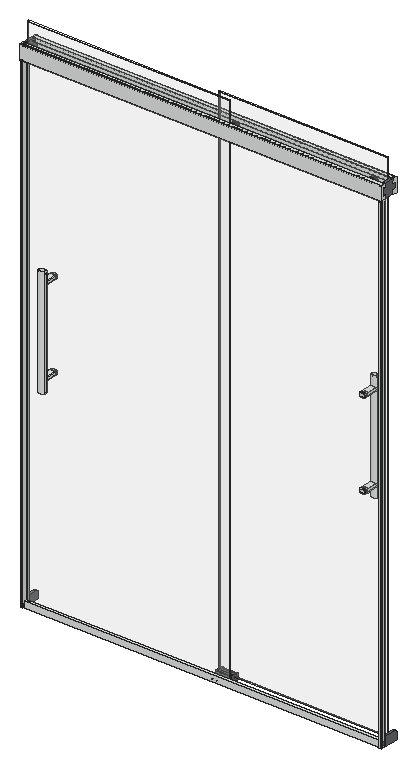
Revit family "Shower-Shower_Door-KOHLER-Prim-K-706533.rfa_", category Specialty Equipment, host Face, Revit 2021 (continued)
Definition of nested family "K-706533"
  Lines and regions (in)
    Masking region 2
      outline origin (0, 0, 0) x (0, 1, 0) y (0, 0, 1)
        loop
          line (0.1628319, 33.0906849) -> (0.2817243, 33.0906849) -> (0.2817243, 45.3906849) -> (0.1628319, 45.3906849)
          arc (0.1628319, 45.3906849) -> (0.1349931, 45.4022162) -> (0.1234619, 45.430055) r 0.0393701
          line (0.1234619, 45.430055) -> (0.1234619, 46.0513149)
          arc (0.1234619, 46.0513149) -> (0.1349931, 46.0791537) -> (0.1628319, 46.0906849) r 0.0393701
          line (0.1628319, 46.0906849) -> (0.2817243, 46.0906849) -> (0.2817243, 74.1161157)
        loop
          line (-0.5942243, 74.1161157) -> (-0.7284264, 74.1161157)
          arc (-0.7284264, 74.1161157) -> (-0.7562652, 74.1276469) -> (-0.7677964, 74.1554858) r 0.0393701
          line (-0.7677964, 74.1554858) -> (-0.7677964, 74.6629996) -> (-0.8382408, 74.6629996) -> (-0.8382408, 74.5151577)
          arc (-0.8382408, 74.5151577) -> (-0.9702115, 74.4844317) -> (-1.1021801, 74.515167) r 0.2987306
          line (-1.1021801, 74.515167) -> (-1.1021801, 74.6609785) -> (-1.2329388, 74.6609785)
          arc (-1.2329388, 74.6609785) -> (-1.2258347, 74.6438276) -> (-1.2086838, 74.6367235) r 0.024255
          line (-1.2086838, 74.6367235) -> (-1.1355002, 74.6367235)
          arc (-1.1355002, 74.6367235) -> (-1.118633, 74.6297369) -> (-1.1116464, 74.6128697) r 0.0238538
          line (-1.1116464, 74.6128697) -> (-1.1116464, 74.529684)
          arc (-1.1116464, 74.529684) -> (-1.1051851, 74.5080902) -> (-1.0879249, 74.4935945) r 0.0393137
          arc (-1.0879249, 74.4935945) -> (-0.9694601, 74.4690975) -> (-0.8509951, 74.4935935) r 0.2986962
          arc (-0.8509951, 74.4935935) -> (-0.8337179, 74.5081034) -> (-0.8272501, 74.5297184) r 0.0393522
          line (-0.8272501, 74.5297184) -> (-0.8272501, 74.6278912)
          arc (-0.8272501, 74.6278912) -> (-0.8023473, 74.652794) -> (-0.7774445, 74.6278912) r 0.0249028
          line (-0.7774445, 74.6278912) -> (-0.7774445, 74.1394487)
          arc (-0.7774445, 74.1394487) -> (-0.7889757, 74.1116098) -> (-0.8168146, 74.1000786) r 0.0393701
          line (-0.8168146, 74.1000786) -> (-0.7458648, 74.1000786) -> (-0.7458648, 46.0906849) -> (-0.5942243, 46.0906849) -> (-0.5942243, 74.1161157)
        loop
          line (2.1231925, 45.3906849) -> (0.5942243, 45.3906849) -> (0.5942243, 33.0906849) -> (2.1231925, 33.0906849) -> (2.1231925, 45.3906849)
        loop
          line (-2.1231925, 45.3906849) -> (-2.1231925, 33.0906849) -> (-1.3685912, 33.0906849) -> (-1.3685912, 45.3906849) -> (-2.1231925, 45.3906849)
        loop
          line (-0.5942243, 45.3906849) -> (-0.7458648, 45.3906849) -> (-0.7458648, 33.0906849) -> (-0.5942243, 33.0906849) -> (-0.5942243, 45.3906849)
        loop
          line (-0.7458648, 32.3906849) -> (-0.7458648, 1.2394955) -> (-0.5942243, 1.2394955) -> (-0.5942243, 32.3906849) -> (-0.7458648, 32.3906849)
    Masking region 3
      outline origin (0, 0, 24.4685039) x (0, -1, 0) y (1, 0, 0)
        loop
          line (-1.4075188, -31.0350014) -> (1.4075188, -31.0350014) -> (1.4075188, -27.3125) -> (2.2399565, -27.3125)
          arc (2.2399565, -27.3125) -> (2.2742205, -27.3631813) -> (2.3121375, -27.4111908) r 0.8269392
          arc (2.3121375, -27.4111908) -> (2.3255719, -27.4213822) -> (2.3420414, -27.4250017) r 0.03928
          line (2.3420414, -27.4250017) -> (2.5672174, -27.4250017)
          arc (2.5672174, -27.4250017) -> (2.5837691, -27.4213659) -> (2.5972733, -27.411128) r 0.0394931
          arc (2.5972733, -27.411128) -> (2.7947688, -26.8750675) -> (2.5973797, -26.3389678) r 0.8264826
          arc (2.5973797, -26.3389678) -> (2.5841182, -26.3288128) -> (2.5678561, -26.325) r 0.0397635
          line (2.5678561, -26.325) -> (2.3426859, -26.325)
          arc (2.3426859, -26.325) -> (2.3261822, -26.3286261) -> (2.3127186, -26.3388365) r 0.0393701
          arc (2.3127186, -26.3388365) -> (2.2742721, -26.3867549) -> (2.2399606, -26.4375) r 0.826935
          line (2.2399606, -26.4375) -> (1.4075188, -26.4375) -> (1.4075188, 28.5712978) -> (-1.4075188, 28.5712978) -> (-1.4075188, 24.8675) -> (-2.2492243, 24.8675)
          arc (-2.2492243, 24.8675) -> (-2.2834932, 24.918168) -> (-2.3214147, 24.9661635) r 0.826707
          arc (-2.3214147, 24.9661635) -> (-2.3348783, 24.9763739) -> (-2.351382, 24.98) r 0.0393701
          line (-2.351382, 24.98) -> (-2.5765613, 24.98)
          arc (-2.5765613, 24.98) -> (-2.593065, 24.9763739) -> (-2.6065286, 24.9661635) r 0.0393701
          arc (-2.6065286, 24.9661635) -> (-2.8039716, 24.43) -> (-2.6065286, 23.8938365) r 0.826707
          arc (-2.6065286, 23.8938365) -> (-2.593065, 23.8836261) -> (-2.5765613, 23.88) r 0.0393701
          line (-2.5765613, 23.88) -> (-2.351382, 23.88)
          arc (-2.351382, 23.88) -> (-2.3348783, 23.8836261) -> (-2.3214147, 23.8938365) r 0.0393701
          arc (-2.3214147, 23.8938365) -> (-2.2834932, 23.941832) -> (-2.2492243, 23.9925) r 0.826707
          line (-2.2492243, 23.9925) -> (-1.4075188, 23.9925) -> (-1.4075188, -31.0350014)
        loop
          line (0.5942243, -27.3125) -> (0.5942243, -27.8893976) -> (0.7540504, -27.8893976) -> (0.7540504, -27.9581895)
          arc (0.7540504, -27.9581895) -> (0.7601126, -27.9884885) -> (0.777366, -28.0141224) r 0.0787477
          line (0.777366, -28.0141224) -> (0.777366, -27.3125) -> (0.5942243, -27.3125)
        loop
          line (0.5942243, -26.4375) -> (0.777366, -26.4375) -> (0.777366, -2.8215018)
          arc (0.777366, -2.8215018) -> (0.7601126, -2.8471357) -> (0.7540504, -2.8774347) r 0.0787477
          line (0.7540504, -2.8774347) -> (0.7540504, -2.9462266) -> (0.5942243, -2.9462266) -> (0.5942243, -26.4375)
        loop
          line (0.777366, -30.2879016) -> (0.777366, -28.760976)
          arc (0.777366, -28.760976) -> (0.7601126, -28.7866099) -> (0.7540504, -28.8169089) r 0.0787477
          line (0.7540504, -28.8169089) -> (0.7540504, -28.8857008) -> (0.5942243, -28.8857008) -> (0.5942243, -30.5625) -> (0.5317243, -30.625) -> (0.7458648, -30.625) -> (0.7458648, -30.3041963)
          arc (0.7458648, -30.3041963) -> (0.756657, -30.2864633) -> (0.777366, -30.2879016) r 0.019965
        loop
          line (-0.7774445, -30.625) -> (0.3442243, -30.625) -> (0.2817243, -30.5625) -> (0.2817243, -28.8795492) -> (0.2482747, -28.8795492) -> (0.2482747, -28.7675906) -> (0.148191, -28.7675906) -> (0.148191, -28.0075079) -> (0.2482747, -28.0075079) -> (0.2482747, -27.8955492) -> (0.2817243, -27.8955492) -> (0.2817243, -27.3125) -> (0.1612487, -27.3125)
          arc (0.1612487, -27.3125) -> (0.1334099, -27.3009688) -> (0.1218786, -27.2731299) r 0.0393701
          line (0.1218786, -27.2731299) -> (0.1218786, -26.4768701)
          arc (0.1218786, -26.4768701) -> (0.1334099, -26.4490312) -> (0.1612487, -26.4375) r 0.0393701
          line (0.1612487, -26.4375) -> (0.2817243, -26.4375) -> (0.2817243, -2.940075) -> (0.2482747, -2.940075) -> (0.2482747, -2.8281163) -> (0.148191, -2.8281163) -> (0.148191, -2.4409449) -> (-0.7774445, -2.4409449) -> (-0.7774445, -30.625)
        loop
          line (0.777366, 0) -> (0.777366, 27.8241746)
          arc (0.777366, 27.8241746) -> (0.756657, 27.8227363) -> (0.7458648, 27.8404693) r 0.019965
          line (0.7458648, 27.8404693) -> (0.7458648, 28.177597) -> (-0.3418213, 28.177597) -> (-0.2817243, 28.1175) -> (-0.2817243, 26.2191931) -> (-0.2482747, 26.2191931) -> (-0.2482747, 26.1072345) -> (-0.148279, 26.1072345) -> (-0.148279, 25.3471518) -> (-0.2482747, 25.3471518) -> (-0.2482747, 25.2351931) -> (-0.2817243, 25.2351931) -> (-0.2817243, 24.8675) -> (-0.1604635, 24.8675)
          arc (-0.1604635, 24.8675) -> (-0.1326247, 24.8559688) -> (-0.1210935, 24.8281299) r 0.0393701
          line (-0.1210935, 24.8281299) -> (-0.1210935, 24.0318701)
          arc (-0.1210935, 24.0318701) -> (-0.1326247, 24.0040312) -> (-0.1604635, 23.9925) r 0.0393701
          line (-0.1604635, 23.9925) -> (-0.2817243, 23.9925) -> (-0.2817243, 0.2828292) -> (-0.2482747, 0.2828292) -> (-0.2482747, 0.1708706) -> (-0.148279, 0.1708706) -> (-0.148279, 0) -> (0.777366, 0)
        loop
          arc (-0.7774445, 0.1688203) -> (-0.7602783, 0.1873154) -> (-0.7540504, 0.2117687) r 0.0511207
          line (-0.7540504, 0.2117687) -> (-0.7540504, 0.2889808) -> (-0.5942243, 0.2889808) -> (-0.5942243, 23.9925) -> (-0.7774445, 23.9925) -> (-0.7774445, 0.1688203)
        loop
          line (-0.5942243, 28.1175) -> (-0.5341273, 28.177597) -> (-0.7774445, 28.177597) -> (-0.7774445, 26.1019087)
          arc (-0.7774445, 26.1019087) -> (-0.7601629, 26.1257084) -> (-0.7540504, 26.1544786) r 0.070763
          line (-0.7540504, 26.1544786) -> (-0.7540504, 26.2253447) -> (-0.5942243, 26.2253447) -> (-0.5942243, 28.1175)
        loop
          line (-0.7540504, 25.2290416) -> (-0.7540504, 25.2981779)
          arc (-0.7540504, 25.2981779) -> (-0.7601564, 25.3272764) -> (-0.7774445, 25.3514658) r 0.0723873
          line (-0.7774445, 25.3514658) -> (-0.7774445, 24.8675) -> (-0.5942243, 24.8675) -> (-0.5942243, 25.2290416) -> (-0.7540504, 25.2290416)
    symbolic lines, detail levels medium+fine
      curve 1: line (-30.625, 0, 76.1811024) -> (28.18, 0, 76.1811024)
      curve 2: line (-31.0350014, 0, 74.015748) -> (28.5712978, 0, 74.015748)
      curve 3: line (-30.5625, 0, 76.1811024) -> (-30.5625, 0, 79.0551181)
      curve 4: line (-30.6253767, 0, 0) -> (-30.6253767, 0, 74.015748)
      curve 5: line (-31.0006269, 0, 0) -> (-31.0006269, 0, 74.015748)
      curve 6: line (-30.2854637, 0, 0.9494808) -> (-30.2854637, 0, 74.015748)
      curve 7: line (28.1616496, 0, 0.9494808) -> (-30.6253767, 0, 0.9494808)
      curve 8: line (28.1616496, 0, 74.015748) -> (28.1616496, 0, 0)
      curve 9: line (27.8205043, 0, 74.015748) -> (27.8205043, 0, 0.9494808)
      curve 10: line (28.5340934, 0, 74.015748) -> (28.5340934, 0, 0)
      curve 11: line (-0.0625, 0, 0.9494808) -> (-0.0625, 0, 74.015748)
      curve 12: line (0, 0, 0.9494808) -> (0, 0, 74.015748)
      curve 13: line (0, 0, 76.1811024) -> (0, 0, 79.0551181)
      curve 14: line (-0.0625, 0, 76.1811024) -> (-0.0625, 0, 79.0551181)
      curve 15: line (28.1175, 0, 76.1811024) -> (28.1175, 0, 79.0551181)
      curve 16: arc (-27.425, 0, 47.3228346) -> (-27.3788751, 0, 47.43419) -> (-27.2675197, 0, 47.480315) r 0.1574803
      curve 17: line (-26.4824803, 0, 47.480315) -> (-27.2675197, 0, 47.480315)
      curve 18: arc (-26.4824803, 0, 47.480315) -> (-26.3711249, 0, 47.43419) -> (-26.325, 0, 47.3228346) r 0.1574803
      curve 19: line (-27.425, 0, 47.3228346) -> (-27.425, 0, 31.1417323)
      curve 20: line (-26.325, 0, 47.3228346) -> (-26.325, 0, 31.1417323)
      curve 21: arc (-27.2675197, 0, 30.984252) -> (-27.3788751, 0, 31.0303769) -> (-27.425, 0, 31.1417323) r 0.1574803
      curve 22: arc (-26.325, 0, 31.1417323) -> (-26.3711249, 0, 31.0303769) -> (-26.4824803, 0, 30.984252) r 0.1574803
      curve 23: line (-27.2675197, 0, 30.984252) -> (-26.4824803, 0, 30.984252)
      curve 24: line (-27.425, 0, 31.1417323) -> (-26.325, 0, 31.1417323)
      curve 25: line (-27.425, 0, 47.3228346) -> (-26.325, 0, 47.3228346)
      curve 26: arc (24.0364935, 0, 45.997124) -> (24.43, 0, 46.0906849) -> (24.8235065, 0, 45.997124) r 0.8743015
      curve 27: arc (24.8235065, 0, 45.997124) -> (24.8556194, 0, 45.9676342) -> (24.8675, 0, 45.9256849) r 0.08
      curve 28: line (24.8675, 0, 45.9256849) -> (24.8675, 0, 45.5556849)
      curve 29: arc (24.8675, 0, 45.5556849) -> (24.8556194, 0, 45.5137357) -> (24.8235065, 0, 45.4842459) r 0.08
      curve 30: arc (24.8235065, 0, 45.4842459) -> (24.43, 0, 45.3906849) -> (24.0364935, 0, 45.4842459) r 0.8743015
      curve 31: arc (24.0364935, 0, 45.4842459) -> (24.0043806, 0, 45.5137357) -> (23.9925, 0, 45.5556849) r 0.08
      curve 32: line (23.9925, 0, 45.5556849) -> (23.9925, 0, 45.9256849)
      curve 33: arc (23.9925, 0, 45.9256849) -> (24.0043806, 0, 45.9676342) -> (24.0364935, 0, 45.997124) r 0.08
      curve 34: arc (24.0515551, 0, 45.938468) -> (24.43, 0, 46.0316298) -> (24.8084449, 0, 45.938468) r 0.8152464
      curve 35: line (24.8084449, 0, 45.938468) -> (24.8084449, 0, 45.5429019)
      curve 36: arc (24.8084449, 0, 45.5429019) -> (24.43, 0, 45.4497401) -> (24.0515551, 0, 45.5429019) r 0.8152464
      curve 37: line (24.0515551, 0, 45.5429019) -> (24.0515551, 0, 45.938468)
      curve 38: arc (23.9925, 0, 32.908882) -> (24.0043806, 0, 32.9508312) -> (24.0364935, 0, 32.980321) r 0.08
      curve 39: arc (24.0364935, 0, 32.980321) -> (24.43, 0, 33.073882) -> (24.8235065, 0, 32.980321) r 0.8743015
      curve 40: arc (24.8235065, 0, 32.980321) -> (24.8556194, 0, 32.9508312) -> (24.8675, 0, 32.908882) r 0.08
      curve 41: line (24.8675, 0, 32.908882) -> (24.8675, 0, 32.538882)
      curve 42: arc (24.8675, 0, 32.538882) -> (24.8556194, 0, 32.4969327) -> (24.8235065, 0, 32.467443) r 0.08
      curve 43: arc (24.8235065, 0, 32.467443) -> (24.43, 0, 32.373882) -> (24.0364935, 0, 32.467443) r 0.8743015
      curve 44: arc (24.0364935, 0, 32.467443) -> (24.0043806, 0, 32.4969327) -> (23.9925, 0, 32.538882) r 0.08
      curve 45: line (23.9925, 0, 32.538882) -> (23.9925, 0, 32.908882)
      curve 46: arc (24.0515551, 0, 32.9216651) -> (24.43, 0, 33.0148269) -> (24.8084449, 0, 32.9216651) r 0.8152464
      curve 47: line (24.8084449, 0, 32.9216651) -> (24.8084449, 0, 32.5260989)
      curve 48: arc (24.8084449, 0, 32.5260989) -> (24.43, 0, 32.4329371) -> (24.0515551, 0, 32.5260989) r 0.8152464
      curve 49: line (24.0515551, 0, 32.5260989) -> (24.0515551, 0, 32.9216651)
      curve 50: line (0, 0.5317243, 79.0551181) -> (0, 0.5317243, 76.1953087)
      curve 51: line (0, 0.3442243, 1.2394955) -> (0, 0.3442243, 74.1161157)
      curve 52: line (0, -0.3442243, 1.2394955) -> (0, -0.3442243, 74.1161157)
      curve 53: line (0, -0.5317243, 1.2394955) -> (0, -0.5317243, 74.1161157)
      curve 54: line (0, 1.2325857, 74.6598826) -> (0, 1.2325857, 75.5931826)
      curve 55: line (0, 1.1024873, 75.5931826) -> (0, 1.1024873, 74.6577857)
      curve 56: line (0, 0.5942243, 76.1953087) -> (0, 0.2817243, 76.1953087)
      curve 57: line (0, 0.5317243, 74.1161157) -> (0, 0.5317243, 1.2394955)
      curve 58: line (0, 0.3442243, 76.1953087) -> (0, 0.3442243, 79.0551181)
      curve 59: line (0, -0.3442243, 76.1953087) -> (0, -0.3442243, 79.0551181)
      curve 60: line (0, -0.5317243, 76.1953087) -> (0, -0.5317243, 79.0551181)
      curve 61: line (0, -0.2817243, 76.1953087) -> (0, -0.5942243, 76.1953087)
      curve 62: line (0, -1.2325857, 74.6598826) -> (0, -1.2325857, 75.5931826)
      curve 63: line (0, -1.1024873, 75.5931826) -> (0, -1.1024873, 74.6577857)
      curve 64: line (0, -0.8167361, 74.1000786) -> (0, -1.3685912, 74.1000786)
      curve 65: line (0, -1.3685912, 74.0119457) -> (0, -1.3685912, 74.1000786)
      curve 66: line (0, -1.3362784, 0) -> (0, -1.3362784, 74.1000786)
      curve 67: line (0, 0.5942243, 74.1161157) -> (0, 0.2817243, 74.1161157)
      curve 68: line (0, -0.2817243, 74.1161157) -> (0, -0.5942243, 74.1161157)
      curve 69: line (0, 0.2817243, 45.3906849) -> (0, 0.2817243, 46.0906849)
      curve 70: line (0, 0.5942243, 46.0906849) -> (0, 0.5942243, 45.3906849)
      curve 71: line (0, -0.2817243, 46.0906849) -> (0, -0.2817243, 45.3906849)
      curve 72: line (0, 0.1628319, 45.3906849) -> (0, 0.1628319, 46.0906849)
      curve 73: line (0, -0.1628319, 45.3906849) -> (0, -0.1628319, 46.0906849)
      curve 74: line (0, -0.5942243, 46.0906849) -> (0, -0.5942243, 45.3906849)
      curve 75: line (0, -0.7458648, 46.0906849) -> (0, -0.7458648, 45.3906849)
      curve 76: line (0, 2.5765584, 47.3228364) -> (0, 2.5765584, 31.1417306)
      curve 77: line (0, 2.3513849, 47.3228507) -> (0, 2.3513849, 31.1417162)
      curve 78: spline (0, 2.5765584, 47.3228364) -> (0, 2.5789642, 47.32769) -> (0, 2.5813489, 47.3325502) -> (0, 2.5837104, 47.3374126) -> (0, 2.5860465, 47.342273) -> (0, 2.5883553, 47.3471268) -> (0, 2.5906346, 47.3519698) -> (0, 2.5928823, 47.3567977) -> (0, 2.5950965, 47.3616061) -> (0, 2.5972752, 47.3663907) -> (0, 2.5994164, 47.3711472) -> (0, 2.6015182, 47.3758714) -> (0, 2.6035788, 47.3805591)
      curve 79: spline (0, 2.6035788, 47.3805591) -> (0, 2.6098817, 47.395451) -> (0, 2.6167749, 47.4094355) -> (0, 2.6242054, 47.422405) -> (0, 2.6321161, 47.4342595) -> (0, 2.6404458, 47.4449078) -> (0, 2.6491306, 47.454268) -> (0, 2.6581036, 47.4622678) -> (0, 2.6672956, 47.4688458) -> (0, 2.676636, 47.4739513) -> (0, 2.6860527, 47.477545) -> (0, 2.6954732, 47.4795992) -> (0, 2.7048252, 47.4800981)
      curve 80: spline (0, 2.3208103, 47.3889331) -> (0, 2.3229053, 47.383528) -> (0, 2.325092, 47.3780827) -> (0, 2.3273678, 47.3726037) -> (0, 2.3297301, 47.3670974) -> (0, 2.332176, 47.3615704) -> (0, 2.3347027, 47.3560291) -> (0, 2.3373071, 47.3504803) -> (0, 2.3399862, 47.3449303) -> (0, 2.3427369, 47.3393858) -> (0, 2.3455558, 47.3338533) -> (0, 2.3484396, 47.3283395) -> (0, 2.3513849, 47.3228507)
      curve 81: spline (0, 2.2231311, 47.4801334) -> (0, 2.2312935, 47.4795668) -> (0, 2.2396492, 47.4776057) -> (0, 2.2481397, 47.4742641) -> (0, 2.2567054, 47.4695652) -> (0, 2.2652861, 47.4635421) -> (0, 2.2738218, 47.4562369) -> (0, 2.2822524, 47.4477011) -> (0, 2.290519, 47.4379943) -> (0, 2.2985635, 47.4271848) -> (0, 2.3063295, 47.4153483) -> (0, 2.3137625, 47.4025678) -> (0, 2.3208103, 47.3889331)
      curve 82: spline (0, 2.2492243, 45.9287146) -> (0, 2.2487335, 45.9361259) -> (0, 2.2478993, 45.9434149) -> (0, 2.2467286, 45.9505187) -> (0, 2.2452317, 45.9573758) -> (0, 2.2434215, 45.9639272) -> (0, 2.2413136, 45.9701161) -> (0, 2.2389262, 45.9758892) -> (0, 2.2362799, 45.9811967) -> (0, 2.2333976, 45.9859926) -> (0, 2.2303041, 45.9902357) -> (0, 2.2270262, 45.9938892) -> (0, 2.2235922, 45.9969216)
      curve 83: line (0, 2.2492243, 45.5540151) -> (0, 2.2492243, 45.9287146)
      curve 84: spline (0, 2.2236015, 45.4844444) -> (0, 2.2269019, 45.4875322) -> (0, 2.2300711, 45.491259) -> (0, 2.2330811, 45.4955915) -> (0, 2.2359049, 45.5004911) -> (0, 2.2385175, 45.5059144) -> (0, 2.2408956, 45.5118131) -> (0, 2.2430182, 45.5181347) -> (0, 2.2448662, 45.5248229) -> (0, 2.2464234, 45.5318183) -> (0, 2.2476757, 45.5390587) -> (0, 2.2486121, 45.5464796) -> (0, 2.2492243, 45.5540151)
      curve 85: arc (0, 2.2235922, 45.9969216) -> (0, 2.1712294, 46.0414871) -> (0, 2.1231925, 46.0906849) r 0.7459565
      curve 86: arc (0, 2.1231925, 45.3906849) -> (0, 2.1719159, 45.4391508) -> (0, 2.2236015, 45.4844444) r 1.0881645
      curve 87: spline (0, 2.5765584, 31.1417306) -> (0, 2.5789642, 31.1368769) -> (0, 2.5813489, 31.1320167) -> (0, 2.5837104, 31.1271543) -> (0, 2.5860465, 31.122294) -> (0, 2.5883553, 31.1174401) -> (0, 2.5906346, 31.1125971) -> (0, 2.5928823, 31.1077692) -> (0, 2.5950965, 31.1029608) -> (0, 2.5972752, 31.0981762) -> (0, 2.5994164, 31.0934197) -> (0, 2.6015182, 31.0886955) -> (0, 2.6035788, 31.0840079)
      curve 88: spline (0, 2.6035788, 31.0840079) -> (0, 2.6098817, 31.069116) -> (0, 2.6167749, 31.0551314) -> (0, 2.6242054, 31.042162) -> (0, 2.6321161, 31.0303074) -> (0, 2.6404458, 31.0196591) -> (0, 2.6491306, 31.010299) -> (0, 2.6581036, 31.0022991) -> (0, 2.6672956, 30.9957211) -> (0, 2.676636, 30.9906156) -> (0, 2.6860527, 30.9870219) -> (0, 2.6954732, 30.9849677) -> (0, 2.7048252, 30.9844688)
      curve 89: spline (0, 2.3208103, 31.0756338) -> (0, 2.3229053, 31.0810389) -> (0, 2.325092, 31.0864842) -> (0, 2.3273678, 31.0919632) -> (0, 2.3297301, 31.0974695) -> (0, 2.332176, 31.1029965) -> (0, 2.3347027, 31.1085378) -> (0, 2.3373071, 31.1140867) -> (0, 2.3399862, 31.1196367) -> (0, 2.3427369, 31.1251811) -> (0, 2.3455558, 31.1307136) -> (0, 2.3484396, 31.1362275) -> (0, 2.3513849, 31.1417162)
      curve 90: spline (0, 2.2231311, 30.9844335) -> (0, 2.2312935, 30.9850002) -> (0, 2.2396492, 30.9869612) -> (0, 2.2481397, 30.9903029) -> (0, 2.2567054, 30.9950017) -> (0, 2.2652861, 31.0010249) -> (0, 2.2738218, 31.00833) -> (0, 2.2822524, 31.0168658) -> (0, 2.290519, 31.0265726) -> (0, 2.2985635, 31.0373821) -> (0, 2.3063295, 31.0492186) -> (0, 2.3137625, 31.0619991) -> (0, 2.3208103, 31.0756338)
      curve 91: spline (0, 2.2492243, 32.5526553) -> (0, 2.2487335, 32.545244) -> (0, 2.2478993, 32.537955) -> (0, 2.2467286, 32.5308512) -> (0, 2.2452317, 32.5239941) -> (0, 2.2434215, 32.5174427) -> (0, 2.2413136, 32.5112538) -> (0, 2.2389262, 32.5054807) -> (0, 2.2362799, 32.5001732) -> (0, 2.2333976, 32.4953773) -> (0, 2.2303041, 32.4911342) -> (0, 2.2270262, 32.4874807) -> (0, 2.2235922, 32.4844483)
      curve 92: line (0, 2.2492243, 32.9273548) -> (0, 2.2492243, 32.5526553)
      curve 93: spline (0, 2.2236015, 32.9969255) -> (0, 2.2269019, 32.9938377) -> (0, 2.2300711, 32.9901109) -> (0, 2.2330811, 32.9857784) -> (0, 2.2359049, 32.9808788) -> (0, 2.2385175, 32.9754555) -> (0, 2.2408956, 32.9695568) -> (0, 2.2430182, 32.9632352) -> (0, 2.2448662, 32.956547) -> (0, 2.2464234, 32.9495516) -> (0, 2.2476757, 32.9423112) -> (0, 2.2486121, 32.9348903) -> (0, 2.2492243, 32.9273548)
      curve 94: arc (0, 2.2235922, 32.4844483) -> (0, 2.1712294, 32.4398828) -> (0, 2.1231925, 32.3906849) r 0.7459565
      curve 95: arc (0, 2.1231925, 33.0906849) -> (0, 2.1719159, 33.0422191) -> (0, 2.2236015, 32.9969255) r 1.0881645
      curve 96: line (0, 2.7952756, 31.0629921) -> (0, 2.5765584, 31.1417306)
      curve 97: line (0, 2.3513849, 31.1417162) -> (0, 2.5765983, 31.1417162)
      curve 98: line (0, 2.3513849, 31.1417162) -> (0, 2.1231925, 31.0629921)
      curve 99: line (0, 2.7952756, 47.4183778) -> (0, 2.5765983, 47.3396537)
      curve 100: line (0, 2.3513849, 47.3396537) -> (0, 2.5765983, 47.3396537)
      curve 101: line (0, 2.3513849, 47.3396537) -> (0, 2.1231925, 47.4183778)
      curve 102: line (0, 2.2492243, 45.9287146) -> (0, 0.5942243, 45.9287146)
      curve 103: line (0, 2.2492243, 45.5540151) -> (0, 0.5942243, 45.5540151)
      curve 104: line (0, 0.2817243, 45.5540151) -> (0, 0.1234619, 45.5540151)
      curve 105: line (0, 0.1234619, 45.9287146) -> (0, 0.2817243, 45.9287146)
      curve 106: line (0, 2.2492243, 32.9287146) -> (0, 0.5942243, 32.9287146)
      curve 107: line (0, 2.2492243, 32.5540151) -> (0, 0.5942243, 32.5540151)
      curve 108: line (0, 0.2817243, 32.5540151) -> (0, 0.1234619, 32.5540151)
      curve 109: line (0, 0.1234619, 32.9287146) -> (0, 0.2817243, 32.9287146)
      curve 110: line (0, 0.5942243, 33.0906849) -> (0, 0.5942243, 32.3906849)
      curve 111: line (0, 0.2817243, 33.0906849) -> (0, 0.2817243, 32.3906849)
      curve 112: line (0, -0.2817243, 45.3906849) -> (0, -0.2817243, 46.0906849)
      curve 113: line (0, -0.5942243, 46.0906849) -> (0, -0.5942243, 45.3906849)
      curve 114: line (0, -0.1628319, 45.3906849) -> (0, -0.1628319, 46.0906849)
      curve 115: line (0, -2.5765584, 47.3228364) -> (0, -2.5765584, 31.1417306)
      curve 116: line (0, -2.3513849, 47.3228507) -> (0, -2.3513849, 31.1417162)
      curve 117: spline (0, -2.5765584, 47.3228364) -> (0, -2.5789642, 47.32769) -> (0, -2.5813489, 47.3325502) -> (0, -2.5837104, 47.3374126) -> (0, -2.5860465, 47.342273) -> (0, -2.5883553, 47.3471268) -> (0, -2.5906346, 47.3519698) -> (0, -2.5928823, 47.3567977) -> (0, -2.5950965, 47.3616061) -> (0, -2.5972752, 47.3663907) -> (0, -2.5994164, 47.3711472) -> (0, -2.6015182, 47.3758714) -> (0, -2.6035788, 47.3805591)
      curve 118: spline (0, -2.6035788, 47.3805591) -> (0, -2.6098817, 47.395451) -> (0, -2.6167749, 47.4094355) -> (0, -2.6242054, 47.422405) -> (0, -2.6321161, 47.4342595) -> (0, -2.6404458, 47.4449078) -> (0, -2.6491306, 47.454268) -> (0, -2.6581036, 47.4622678) -> (0, -2.6672956, 47.4688458) -> (0, -2.676636, 47.4739513) -> (0, -2.6860527, 47.477545) -> (0, -2.6954732, 47.4795992) -> (0, -2.7048252, 47.4800981)
      curve 119: spline (0, -2.3208103, 47.3889331) -> (0, -2.3229053, 47.383528) -> (0, -2.325092, 47.3780827) -> (0, -2.3273678, 47.3726037) -> (0, -2.3297301, 47.3670974) -> (0, -2.332176, 47.3615704) -> (0, -2.3347027, 47.3560291) -> (0, -2.3373071, 47.3504803) -> (0, -2.3399862, 47.3449303) -> (0, -2.3427369, 47.3393858) -> (0, -2.3455558, 47.3338533) -> (0, -2.3484396, 47.3283395) -> (0, -2.3513849, 47.3228507)
      curve 120: spline (0, -2.2231311, 47.4801334) -> (0, -2.2312935, 47.4795668) -> (0, -2.2396492, 47.4776057) -> (0, -2.2481397, 47.4742641) -> (0, -2.2567054, 47.4695652) -> (0, -2.2652861, 47.4635421) -> (0, -2.2738218, 47.4562369) -> (0, -2.2822524, 47.4477011) -> (0, -2.290519, 47.4379943) -> (0, -2.2985635, 47.4271848) -> (0, -2.3063295, 47.4153483) -> (0, -2.3137625, 47.4025678) -> (0, -2.3208103, 47.3889331)
      curve 121: spline (0, -2.2492243, 45.9287146) -> (0, -2.2487335, 45.9361259) -> (0, -2.2478993, 45.9434149) -> (0, -2.2467286, 45.9505187) -> (0, -2.2452317, 45.9573758) -> (0, -2.2434215, 45.9639272) -> (0, -2.2413136, 45.9701161) -> (0, -2.2389262, 45.9758892) -> (0, -2.2362799, 45.9811967) -> (0, -2.2333976, 45.9859926) -> (0, -2.2303041, 45.9902357) -> (0, -2.2270262, 45.9938892) -> (0, -2.2235922, 45.9969216)
      curve 122: line (0, -2.2492243, 45.5540151) -> (0, -2.2492243, 45.9287146)
      curve 123: spline (0, -2.2236015, 45.4844444) -> (0, -2.2269019, 45.4875322) -> (0, -2.2300711, 45.491259) -> (0, -2.2330811, 45.4955915) -> (0, -2.2359049, 45.5004911) -> (0, -2.2385175, 45.5059144) -> (0, -2.2408956, 45.5118131) -> (0, -2.2430182, 45.5181347) -> (0, -2.2448662, 45.5248229) -> (0, -2.2464234, 45.5318183) -> (0, -2.2476757, 45.5390587) -> (0, -2.2486121, 45.5464796) -> (0, -2.2492243, 45.5540151)
      curve 124: arc (0, -2.2235922, 45.9969216) -> (0, -2.1712294, 46.0414871) -> (0, -2.1231925, 46.0906849) r 0.7459565
      curve 125: arc (0, -2.1231925, 45.3906849) -> (0, -2.1719159, 45.4391508) -> (0, -2.2236015, 45.4844444) r 1.0881645
      curve 126: spline (0, -2.5765584, 31.1417306) -> (0, -2.5789642, 31.1368769) -> (0, -2.5813489, 31.1320167) -> (0, -2.5837104, 31.1271543) -> (0, -2.5860465, 31.122294) -> (0, -2.5883553, 31.1174401) -> (0, -2.5906346, 31.1125971) -> (0, -2.5928823, 31.1077692) -> (0, -2.5950965, 31.1029608) -> (0, -2.5972752, 31.0981762) -> (0, -2.5994164, 31.0934197) -> (0, -2.6015182, 31.0886955) -> (0, -2.6035788, 31.0840079)
      curve 127: spline (0, -2.6035788, 31.0840079) -> (0, -2.6098817, 31.069116) -> (0, -2.6167749, 31.0551314) -> (0, -2.6242054, 31.042162) -> (0, -2.6321161, 31.0303074) -> (0, -2.6404458, 31.0196591) -> (0, -2.6491306, 31.010299) -> (0, -2.6581036, 31.0022991) -> (0, -2.6672956, 30.9957211) -> (0, -2.676636, 30.9906156) -> (0, -2.6860527, 30.9870219) -> (0, -2.6954732, 30.9849677) -> (0, -2.7048252, 30.9844688)
      curve 128: spline (0, -2.3208103, 31.0756338) -> (0, -2.3229053, 31.0810389) -> (0, -2.325092, 31.0864842) -> (0, -2.3273678, 31.0919632) -> (0, -2.3297301, 31.0974695) -> (0, -2.332176, 31.1029965) -> (0, -2.3347027, 31.1085378) -> (0, -2.3373071, 31.1140867) -> (0, -2.3399862, 31.1196367) -> (0, -2.3427369, 31.1251811) -> (0, -2.3455558, 31.1307136) -> (0, -2.3484396, 31.1362275) -> (0, -2.3513849, 31.1417162)
      curve 129: spline (0, -2.2231311, 30.9844335) -> (0, -2.2312935, 30.9850002) -> (0, -2.2396492, 30.9869612) -> (0, -2.2481397, 30.9903029) -> (0, -2.2567054, 30.9950017) -> (0, -2.2652861, 31.0010249) -> (0, -2.2738218, 31.00833) -> (0, -2.2822524, 31.0168658) -> (0, -2.290519, 31.0265726) -> (0, -2.2985635, 31.0373821) -> (0, -2.3063295, 31.0492186) -> (0, -2.3137625, 31.0619991) -> (0, -2.3208103, 31.0756338)
      curve 130: spline (0, -2.2492243, 32.5526553) -> (0, -2.2487335, 32.545244) -> (0, -2.2478993, 32.537955) -> (0, -2.2467286, 32.5308512) -> (0, -2.2452317, 32.5239941) -> (0, -2.2434215, 32.5174427) -> (0, -2.2413136, 32.5112538) -> (0, -2.2389262, 32.5054807) -> (0, -2.2362799, 32.5001732) -> (0, -2.2333976, 32.4953773) -> (0, -2.2303041, 32.4911342) -> (0, -2.2270262, 32.4874807) -> (0, -2.2235922, 32.4844483)
      curve 131: line (0, -2.2492243, 32.9273548) -> (0, -2.2492243, 32.5526553)
      curve 132: spline (0, -2.2236015, 32.9969255) -> (0, -2.2269019, 32.9938377) -> (0, -2.2300711, 32.9901109) -> (0, -2.2330811, 32.9857784) -> (0, -2.2359049, 32.9808788) -> (0, -2.2385175, 32.9754555) -> (0, -2.2408956, 32.9695568) -> (0, -2.2430182, 32.9632352) -> (0, -2.2448662, 32.956547) -> (0, -2.2464234, 32.9495516) -> (0, -2.2476757, 32.9423112) -> (0, -2.2486121, 32.9348903) -> (0, -2.2492243, 32.9273548)
      curve 133: arc (0, -2.2235922, 32.4844483) -> (0, -2.1712294, 32.4398828) -> (0, -2.1231925, 32.3906849) r 0.7459565
      curve 134: arc (0, -2.1231925, 33.0906849) -> (0, -2.1719159, 33.0422191) -> (0, -2.2236015, 32.9969255) r 1.0881645
      curve 135: line (0, -2.7952756, 31.0629921) -> (0, -2.5765584, 31.1417306)
      curve 136: line (0, -2.3513849, 31.1417162) -> (0, -2.5765983, 31.1417162)
      curve 137: line (0, -2.3513849, 31.1417162) -> (0, -2.1231925, 31.0629921)
      curve 138: line (0, -2.7952756, 47.4183778) -> (0, -2.5765983, 47.3396537)
      curve 139: line (0, -2.3513849, 47.3396537) -> (0, -2.5765983, 47.3396537)
      curve 140: line (0, -2.3513849, 47.3396537) -> (0, -2.1231925, 47.4183778)
      curve 141: line (0, -2.2492243, 45.9287146) -> (0, -1.3685912, 45.9287146)
      curve 142: line (0, -2.2492243, 45.5540151) -> (0, -1.3685912, 45.5540151)
      curve 143: line (0, -0.2817243, 45.5540151) -> (0, -0.1234619, 45.5540151)
      curve 144: line (0, -0.1234619, 45.9287146) -> (0, -0.2817243, 45.9287146)
      curve 145: line (0, -2.2492243, 32.9287146) -> (0, -1.3685912, 32.9287146)
      curve 146: line (0, -2.2492243, 32.5540151) -> (0, -1.3685912, 32.5540151)
      curve 147: line (0, -0.2817243, 32.5540151) -> (0, -0.1234619, 32.5540151)
      curve 148: line (0, -0.1234619, 32.9287146) -> (0, -0.2817243, 32.9287146)
      curve 149: line (0, -0.5942243, 33.0906849) -> (0, -0.5942243, 32.3906849)
      curve 150: line (0, -0.2817243, 33.0906849) -> (0, -0.2817243, 32.3906849)
      curve 151: line (0, -0.7458648, 45.9287146) -> (0, -0.5942243, 45.9287146)
      curve 152: line (0, -0.7458648, 45.5540151) -> (0, -0.5942243, 45.5540151)
      curve 153: line (0, -1.3685912, 46.0906849) -> (0, -1.3685912, 45.3906849)
      curve 154: line (0, -0.7458648, 33.0906849) -> (0, -0.7458648, 32.3906849)
      curve 155: line (0, -1.3685912, 33.0906849) -> (0, -1.3685912, 32.3906849)
      curve 156: line (0, -0.7458648, 32.9287146) -> (0, -0.5942243, 32.9287146)
      curve 157: line (0, -0.7458648, 32.5540151) -> (0, -0.5942243, 32.5540151)
      curve 158: line (0, 0.5942243, 1.2394955) -> (0, 0.2817243, 1.2394955)
      curve 159: line (0, -0.2817243, 1.2394955) -> (0, -0.5942243, 1.2394955)
      curve 160: line (0, -0.7458648, 1.2394955) -> (0, -0.7458648, 0.7226417)
      curve 161: line (0, -0.7333484, 1.2394955) -> (0, -0.7333484, 0.7226417)
      curve 162: line (0, -0.7458648, 0.8071754) -> (0, -1.3362784, 0.8071754)
      curve 163: line (0, -0.719496, 0.7226417) -> (0, -1.3100472, 0.7226417)
      curve 164: line (0, -0.719496, 0.2222956) -> (0, -0.719496, 0.7226417)
      curve 165: line (0, -1.3100472, 0.2222956) -> (0, -0.719496, 0.2222956)
      curve 166: line (0, -1.3100472, 0.7226417) -> (0, -1.3100472, 0.2222956)
      curve 167: line (0, 1.3206163, 0) -> (0, 1.3206163, 0.2524581)
      curve 168: line (0, 1.2969943, 0.2760802) -> (0, 1.2216777, 0.2760802)
      curve 169: line (0, 1.197435, 0.3003228) -> (0, 1.197435, 0.727586)
      curve 170: line (0, 1.173813, 0.751208) -> (0, 0.7209997, 0.751208)
      curve 171: line (0, 0.6973776, 0.727586) -> (0, 0.6973776, 0.2762391)
      curve 172: line (0, 0.6737556, 0.2526171) -> (0, -0.549263, 0.2526171)
      curve 173: line (0, -0.5728851, 0.7707722) -> (0, -0.5728851, 0.2762391)
      curve 174: line (0, -0.5728851, 0.7707722) -> (0, -0.7015908, 0.7707722)
      curve 175: line (0, -0.7015908, 0.7707722) -> (0, -0.7015908, 0.8633891)
      curve 176: line (0, -0.7015908, 0.8633891) -> (0, -0.7333484, 0.8633891)
      curve 177: arc (0, 1.197435, 0.727586) -> (0, 1.1905163, 0.7442893) -> (0, 1.173813, 0.751208) r 0.023622
      curve 178: arc (0, 0.6737556, 0.2526171) -> (0, 0.6904589, 0.2595358) -> (0, 0.6973776, 0.2762391) r 0.023622
      curve 179: arc (0, -0.549263, 0.2526171) -> (0, -0.5659664, 0.2595358) -> (0, -0.5728851, 0.2762391) r 0.023622
      curve 180: arc (0, 0.7209997, 0.751208) -> (0, 0.7042964, 0.7442893) -> (0, 0.6973776, 0.727586) r 0.023622
      curve 181: arc (0, 1.3206163, 0.2524581) -> (0, 1.3136976, 0.2691614) -> (0, 1.2969943, 0.2760802) r 0.023622
      curve 182: arc (0, 1.2216777, 0.2760802) -> (0, 1.2045355, 0.2831807) -> (0, 1.197435, 0.3003228) r 0.0242427
      curve 183: line (0, 0.7677964, 75.6717129) -> (0, -0.7677964, 75.6717129)
      curve 184: line (0, 0.702589, 75.6371727) -> (0, -0.702589, 75.6371727)
      curve 185: line (0, 0.702589, 75.6371727) -> (0, 0.8015856, 75.4657057)
      curve 186: line (0, 1.1024873, 75.4980768) -> (0, 0.8868626, 75.432121)
      curve 187: arc (0, 0.8868626, 75.432121) -> (0, 0.8383593, 75.4340216) -> (0, 0.8015856, 75.4657057) r 0.0736079
      curve 188: circle (0, 0.8330453, 75.1554085) r 0.1771654 normal (1, 0, 0)
      curve 189: line (0, -0.702589, 75.6371727) -> (0, -0.8015856, 75.4657057)
      curve 190: line (0, -1.1024873, 75.4980768) -> (0, -0.8868626, 75.432121)
      curve 191: arc (0, -0.8868626, 75.432121) -> (0, -0.8383593, 75.4340216) -> (0, -0.8015856, 75.4657057) r 0.0736079
      curve 192: line (0, 0.702589, 74.6876912) -> (0, -0.702589, 74.6876912)
      curve 193: line (0, 0.702589, 74.6876912) -> (0, 0.8015856, 74.8591583)
      curve 194: line (0, 1.1024873, 74.8267872) -> (0, 0.8868626, 74.892743)
      curve 195: arc (0, 0.8868626, 74.892743) -> (0, 0.8383593, 74.8908424) -> (0, 0.8015856, 74.8591583) r 0.0736079
      curve 196: line (0, -0.702589, 74.6876912) -> (0, -0.8015856, 74.8591583)
      curve 197: line (0, -1.1024873, 74.8267872) -> (0, -0.8868626, 74.892743)
      curve 198: arc (0, -0.8868626, 74.892743) -> (0, -0.8383593, 74.8908424) -> (0, -0.8015856, 74.8591583) r 0.0736079
      curve 199: circle (0, -0.8330453, 75.1554085) r 0.1771654 normal (-1, 0, 0)
      curve 200: line (0, 0.7677964, 74.6629996) -> (0, -0.7670215, 74.6629996)
      curve 201: line (-30.625, 0.7774445, 24.4685039) -> (-31.0350014, 0.7774445, 24.4685039)
      curve 202: line (-30.625, 0.7584875, 24.4685039) -> (-31.0339685, 0.7584875, 24.4685039)
      curve 203: line (-30.625, -0.5317243, 24.4685039) -> (-30.625, -0.3442243, 24.4685039)
      curve 204: line (-30.2879016, -0.777366, 24.4685039) -> (-31.0350014, -0.777366, 24.4685039)
      curve 205: line (-30.625, -0.7458648, 24.4685039) -> (-30.625, -0.777366, 24.4685039)
      curve 206: line (-30.625, -0.7616154, 24.4685039) -> (-31.0350014, -0.7616154, 24.4685039)
      curve 207: line (-28.760976, -0.777366, 24.4685039) -> (-28.0141224, -0.777366, 24.4685039)
      curve 208: line (-28.8857008, -0.5942243, 24.4685039) -> (-27.8893976, -0.5942243, 24.4685039)
      curve 209: line (-28.8169089, -0.7540504, 24.4685039) -> (-27.9581895, -0.7540504, 24.4685039)
      curve 210: line (-28.7675906, -0.2482747, 24.4685039) -> (-28.0075079, -0.2482747, 24.4685039)
      curve 211: line (-27.8955492, -0.2817243, 24.4685039) -> (-28.8795492, -0.2817243, 24.4685039)
      curve 212: line (-30.625, -0.3442243, 24.4685039) -> (0, -0.3442243, 24.4685039)
      curve 213: line (-30.625, -0.5317243, 24.4685039) -> (0, -0.5317243, 24.4685039)
      curve 214: arc (-26.4375, -2.2405282, 24.4685039) -> (-26.875, -2.1152756, 24.4685039) -> (-27.3125, -2.2405282, 24.4685039) r 0.826707
      curve 215: line (-27.3125, -1.4075188, 24.4685039) -> (-26.4375, -1.4075188, 24.4685039)
      curve 216: line (-26.4375, -0.777366, 24.4685039) -> (-27.3125, -0.777366, 24.4685039)
      curve 217: line (-27.3125, -0.5942243, 24.4685039) -> (-26.4375, -0.5942243, 24.4685039)
      curve 218: line (-27.3125, -0.2817243, 24.4685039) -> (-26.4375, -0.2817243, 24.4685039)
      curve 219: line (-27.3125, -0.1612487, 24.4685039) -> (-26.4375, -0.1612487, 24.4685039)
      curve 220: line (-27.2273469, -2.1941216, 24.4685039) -> (-27.2273469, -1.4075188, 24.4685039)
      curve 221: line (-27.3125, -2.2405282, 24.4685039) -> (-27.3125, -2.669467, 24.4685039)
      curve 222: line (-26.4375, -2.2405282, 24.4685039) -> (-26.4375, -2.670023, 24.4685039)
      curve 223: line (-26.5270739, -1.4075188, 24.4685039) -> (-26.5270739, -2.1920546, 24.4685039)
      curve 224: line (-2.940075, -0.2817243, 24.4685039) -> (-0.0625, -0.2817243, 24.4685039)
      curve 225: line (-2.9462266, -0.5942243, 24.4685039) -> (-0.0625, -0.5942243, 24.4685039)
      curve 226: line (-0.0625, -0.2817243, 24.4685039) -> (0, -0.3442243, 24.4685039)
      curve 227: line (0, -0.5317243, 24.4685039) -> (-0.0625, -0.5942243, 24.4685039)
      curve 228: line (-2.0680336, -0.148191, 24.4685039) -> (-2.0680336, -0.2482747, 24.4685039)
      curve 229: line (-1.956075, -0.2482747, 24.4685039) -> (-1.956075, -0.2817243, 24.4685039)
      curve 230: line (-1.956075, -0.2482747, 24.4685039) -> (-2.8281163, -0.2482747, 24.4685039)
      curve 231: line (-2.0680336, -0.148191, 24.4685039) -> (-2.4409449, -0.148191, 24.4685039)
      curve 232: line (-1.9499234, -0.7540504, 24.4685039) -> (-1.9499234, -0.5942243, 24.4685039)
      curve 233: line (-1.9499234, -0.7540504, 24.4685039) -> (-2.8775908, -0.7540504, 24.4685039)
      curve 234: arc (-2.0168916, -0.7540504, 24.4685039) -> (-2.0470205, -0.7601155, 24.4685039) -> (-2.0724558, -0.777366, 24.4685039) r 0.0778662
      curve 235: line (-1.9499234, -0.6741373, 24.4685039) -> (0, -0.6741373, 24.4685039)
      curve 236: line (0, -0.2353664, 24.4685039) -> (-2.0680336, -0.2353664, 24.4685039)
      curve 237: line (-2.4409449, 0.2119582, 24.4685039) -> (-0.5892121, 0.2119582, 24.4685039)
      curve 238: line (0.1708706, 0.2488258, 24.4685039) -> (-2.4409449, 0.2488258, 24.4685039)
      curve 239: line (-2.4409449, 0.5357794, 24.4685039) -> (-2.3825, 0.5942243, 24.4685039)
      curve 240: line (-2.3825, 0.2817243, 24.4685039) -> (-2.442597, 0.3418213, 24.4685039)
      curve 241: line (0.2828292, 0.2817243, 24.4685039) -> (-2.3825, 0.2817243, 24.4685039)
      curve 242: line (0.2889808, 0.5942243, 24.4685039) -> (-2.3825, 0.5942243, 24.4685039)
      curve 243: line (-0.7073223, 0.6424007, 24.4685039) -> (-2.4409449, 0.6424007, 24.4685039)
      curve 244: line (-0.7073223, 0.6817169, 24.4685039) -> (-2.4409449, 0.6817169, 24.4685039)
      curve 245: line (-2.8215018, -0.777366, 24.4685039) -> (0, -0.777366, 24.4685039)
      curve 246: line (-2.4409449, 0.7774445, 24.4685039) -> (0.1688203, 0.7774445, 24.4685039)
      curve 247: line (-0.5892121, 0.148279, 24.4685039) -> (-0.5892121, 0.2488258, 24.4685039)
      curve 248: line (-0.7011708, 0.2488258, 24.4685039) -> (-0.7011708, 0.2817243, 24.4685039)
      curve 249: line (-0.7073223, 0.7540504, 24.4685039) -> (-0.7073223, 0.5942243, 24.4685039)
      curve 250: line (-0.7073223, 0.7540504, 24.4685039) -> (0.2119764, 0.7540504, 24.4685039)
      curve 251: arc (-0.6362543, 0.7540504, 24.4685039) -> (-0.6076829, 0.7601669, 24.4685039) -> (-0.5841197, 0.7774445, 24.4685039) r 0.0697889
      curve 252: line (0, 0.148279, 24.4685039) -> (-0.5892121, 0.148279, 24.4685039)
      curve 253: line (28.177597, 0.5317243, 24.4685039) -> (-2.4409449, 0.5317243, 24.4685039)
      curve 254: line (28.177597, 0.3418213, 24.4685039) -> (-2.442597, 0.3418213, 24.4685039)
      curve 255: line (28.177597, 0.3418213, 24.4685039) -> (28.177597, 0.5317243, 24.4685039)
      curve 256: line (27.8241746, -0.777366, 24.4685039) -> (28.5712978, -0.777366, 24.4685039)
      curve 257: line (28.177597, -0.7458648, 24.4685039) -> (28.177597, -0.777366, 24.4685039)
      curve 258: line (28.177597, -0.7670215, 24.4685039) -> (28.5712174, -0.7670215, 24.4685039)
      curve 259: line (28.177597, 0.7774445, 24.4685039) -> (28.5712978, 0.7774445, 24.4685039)
      curve 260: line (28.177597, 0.7481114, 24.4685039) -> (28.5712978, 0.7481114, 24.4685039)
      curve 261: line (26.1019087, 0.7774445, 24.4685039) -> (25.3514658, 0.7774445, 24.4685039)
      curve 262: line (25.2981779, 0.7540504, 24.4685039) -> (26.1544786, 0.7540504, 24.4685039)
      curve 263: line (26.2253447, 0.5942243, 24.4685039) -> (25.2290416, 0.5942243, 24.4685039)
      curve 264: line (25.3471518, 0.2482747, 24.4685039) -> (26.1072345, 0.2482747, 24.4685039)
      curve 265: line (26.2191931, 0.2817243, 24.4685039) -> (25.2351931, 0.2817243, 24.4685039)
      curve 266: line (23.9925, 0.2817243, 24.4685039) -> (24.8675, 0.2817243, 24.4685039)
      curve 267: line (24.8675, 0.1604635, 24.4685039) -> (23.9925, 0.1604635, 24.4685039)
      curve 268: line (23.9925, 0.5942243, 24.4685039) -> (24.8675, 0.5942243, 24.4685039)
      curve 269: line (24.8675, 0.7774445, 24.4685039) -> (23.9925, 0.7774445, 24.4685039)
      curve 270: line (23.9925, 1.4075188, 24.4685039) -> (24.8675, 1.4075188, 24.4685039)
      curve 271: arc (23.9925, 2.2492243, 24.4685039) -> (24.43, 2.1239716, 24.4685039) -> (24.8675, 2.2492243, 24.4685039) r 0.826707
      curve 272: line (23.9925, 2.2492243, 24.4685039) -> (23.9925, 2.678719, 24.4685039)
      curve 273: line (24.8675, 2.2492243, 24.4685039) -> (24.8675, 2.678719, 24.4685039)
      curve 274: line (24.7730996, 1.4075188, 24.4685039) -> (24.7730996, 2.1985303, 24.4685039)
      curve 275: line (24.0904093, 1.4075188, 24.4685039) -> (24.0904093, 2.1969395, 24.4685039)
  Dimensions and locks (in)
    "Width": plane 5 to plane 4
    "Walk Thru": plane 6 to plane 3 "Center (Left/Right)"
    plane 7 to level = 79.05512"
    plane 9 to level = 30.98425"
    plane 8 to plane 9 = 16.49606"
    plane 11 to plane 10 = 5.59055"
    plane 12 to plane 13 = 2.81504"
    plane 12 to plane 14 = 2.00174"
    plane 7 to plane 15 = 2.87402"
    plane 15 to plane 16 = 2.16535"
    plane 12 to plane 17 = 2.77611"
    plane 10 to plane 18 = 2.20105"
    locked: Extrusion 4 to plane 5 at 0.3937008
    locked: plane 3 "Center (Left/Right)" to plane 4 at 31.0350014
    locked: plane 4 to Extrusion 1 at 0.2505386
    locked: plane 5 to Extrusion 1 at 0.2480959
    locked: Extrusion 5 to plane 4 at 0.4100014
    locked: plane 5 to Extrusion 6 at 0.3929021
    locked: plane 3 "Center (Left/Right)" to Extrusion 7 at 2.4409449
    locked: level to Extrusion 10 at 0.5063099
    locked: Extrusion 11 sketch curve to plane 5 at 0.3912978
    locked: Extrusion 11 sketch curve to plane 3 "Center (Left/Right)" at 2.445
    locked: level to Extrusion 11 at 0.511811
    locked: plane 5 to plane 20 at 4.1412978
    locked: Extrusion 34 to plane 4 at 0.3932692
    locked: plane 5 to Extrusion 35 at 0.3941324
    locked: Extrusion 41 to plane 5 at 0.3937008
    plane 16 to plane 22 = 73.06627"
    aligned and locked: level to plane 2
    aligned and locked: Extrusion 3 to plane 4
    aligned and locked: plane 5 to Extrusion 2
    aligned and locked: plane 5 to Extrusion 4
    aligned and locked: Extrusion 2 to plane 4
    aligned and locked: plane 4 to Extrusion 2
    aligned and locked: plane 12 to Extrusion 5 sketch curve
    aligned and locked: level to Extrusion 5 sketch curve
    aligned and locked: Extrusion 5 to plane 4
    aligned and locked: Extrusion 6 to plane 5
    aligned and locked: Extrusion 7 to plane 3 "Center (Left/Right)"
    aligned and locked: plane 3 "Center (Left/Right)" to Extrusion 10 sketch curve
    aligned and locked: plane 7 to Extrusion 10
    aligned and locked: plane 7 to Extrusion 11
    aligned and locked: Extrusion 12 to level
    aligned and locked: plane 5 to Extrusion 13 sketch curve
    aligned and locked: plane 8 to Extrusion 19
    aligned and locked: Extrusion 19 to plane 9
    aligned and locked: plane 8 to Extrusion 22
    aligned and locked: Extrusion 22 to plane 9
    aligned and locked: Masking region 1 sketch curve to Extrusion 10  (x2)
    aligned and locked: Masking region 1 sketch curve to Extrusion 2
    aligned and locked: Masking region 1 sketch curve to plane 15  (x2)
    aligned and locked: Masking region 1 sketch curve to level
    aligned and locked: Masking region 1 sketch curve to plane 5
    aligned and locked: Extrusion 11 to Masking region 1 sketch curve
    aligned and locked: curve 1 to Masking region 1
    aligned and locked: plane 5 to curve 2
    aligned and locked: Extrusion 13 to curve 8
    aligned and locked: Extrusion 10 to curve 11
    aligned and locked: Extrusion 10 to curve 12
    aligned and locked: Extrusion 10 to curve 13
    aligned and locked: Extrusion 10 to curve 14
    aligned and locked: Extrusion 11 to curve 15
    aligned and locked: curve 26 to cut or joined group of Sweep 27, Sweep 28, Extrusion 29
    aligned and locked: curve 27 to cut or joined group of Sweep 27, Sweep 28, Extrusion 29
    aligned and locked: curve 29 to cut or joined group of Sweep 27, Sweep 28, Extrusion 29
    aligned and locked: curve 30 to cut or joined group of Sweep 27, Sweep 28, Extrusion 29
    aligned and locked: curve 31 to cut or joined group of Sweep 27, Sweep 28, Extrusion 29
    aligned and locked: curve 33 to cut or joined group of Sweep 27, Sweep 28, Extrusion 29
    aligned and locked: curve 38 to cut or joined group of Sweep 27, Sweep 28, Extrusion 29
    aligned and locked: curve 39 to cut or joined group of Sweep 27, Sweep 28, Extrusion 29
    aligned and locked: curve 40 to cut or joined group of Sweep 27, Sweep 28, Extrusion 29
    aligned and locked: curve 42 to cut or joined group of Sweep 27, Sweep 28, Extrusion 29
    aligned and locked: curve 43 to cut or joined group of Sweep 27, Sweep 28, Extrusion 29
    aligned and locked: curve 44 to cut or joined group of Sweep 27, Sweep 28, Extrusion 29
    aligned and locked: Extrusion 11 to Masking region 2 sketch curve
    aligned and locked: Masking region 3 sketch curve to Extrusion 10
    aligned and locked: Extrusion 7 to Masking region 3 sketch curve
    aligned and locked: plane 5 to Masking region 3 sketch curve
    aligned and locked: Masking region 3 sketch curve to Extrusion 13
    aligned and locked: Extrusion 4 to Masking region 3 sketch curve
    aligned and locked: Masking region 3 sketch curve to Extrusion 11
    aligned and locked: Extrusion 11 to Masking region 3 sketch curve
    aligned and locked: Masking region 3 sketch curve to Revolve 16  (x2)
    aligned and locked: Masking region 3 sketch curve to Extrusion 17
    aligned and locked: Masking region 3 sketch curve to cut or joined group of Extrusion 22, Extrusion 23  (x6)
    aligned and locked: curve 214 to cut or joined group of Extrusion 19, Extrusion 20, Extrusion 23
    aligned and locked: curve 226 to Extrusion 10
    aligned and locked: curve 227 to Extrusion 10
    aligned and locked: Extrusion 11 to curve 239
    aligned and locked: curve 240 to Extrusion 11
    aligned and locked: Extrusion 4 to curve 255
    aligned and locked: plane 5 to curve 256
    aligned and locked: Extrusion 4 to curve 257
    aligned and locked: curve 271 to cut or joined group of Extrusion 22, Extrusion 23
    aligned and locked: Extrusion 34 to plane 4
    aligned and locked: plane 5 to Extrusion 35
    aligned and locked: Extrusion 37 to plane 4
    aligned and locked: plane 5 to Extrusion 37
    aligned and locked: plane 5 to Extrusion 39 sketch curve
    aligned and locked: Extrusion 39 sketch curve to Extrusion 13
    aligned and locked: plane 6 to Extrusion 39 sketch curve
    aligned and locked: plane 13 to Extrusion 39 sketch curve
    aligned and locked: plane 16 to Extrusion 39
    aligned and locked: Extrusion 39 to level
    aligned and locked: Extrusion 38 to level
    aligned and locked: plane 16 to Extrusion 38
    aligned and locked: Extrusion 40 to plane 4
    aligned and locked: Extrusion 41 to plane 5
    aligned and locked: Extrusion 36 to cut or joined group of Extrusion 34, Extrusion 35  (x2)
    aligned and locked: Extrusion 45 sketch curve to Masking region 3
    aligned and locked: plane 8 to Extrusion 45
  Automatic sketch dimensions
    curve 138 to plane 11 = 0"
    curve 135 to plane 11 = 0"
    curve 146 to plane 17 = 0"
    curve 153 to plane 17 = 0"
    curve 65 to plane 17 = 0"
    curve 66 to level = 0"
    curve 61 to plane 14 = 0"
    curve 152 to plane 14 = 0"
    curve 74 to plane 14 = 0"
    curve 156 to plane 14 = 0"
    curve 68 to plane 14 = 0"
    curve 159 to plane 14 = 0"
    curve 60 to plane 7 = 0"
    curve 59 to plane 7 = 0"
    curve 58 to plane 7 = 0"
    curve 50 to plane 7 = 0"
    curve 158 to plane 18 = 0"
    curve 110 to plane 18 = 0"
    curve 102 to plane 18 = 0"
    curve 67 to plane 18 = 0"
    curve 56 to plane 18 = 0"
    curve 167 to level = 0"
    curve 96 to plane 10 = 0"
    curve 99 to plane 10 = 0"
    plane 11 to curve 125 = 0.1193"
    plane 11 to curve 134 = 0.1193"
    curve 133 to plane 11 = 0.1149"
    curve 124 to plane 11 = 0.1149"
    curve 139 to plane 11 = 0.21868"
    curve 115 to plane 11 = 0.21872"
    curve 138 to curve 139 = 0.22521"
    plane 9 to curve 137 = 0.15746"
    curve 115 to curve 137 = 0.22517"
    curve 131 to plane 11 = 0.54605"
    curve 141 to plane 11 = 0.54605"
    plane 17 to curve 163 = 0.05854"
    curve 197 to plane 14 = 0.29264"
    curve 190 to plane 14 = 0.29264"
    curve 190 to curve 191 = 0.02153"
    curve 197 to curve 198 = 0.02153"
    plane 19 to curve 199 = 0.0791"
    curve 199 to plane 14 = 0.23882"
    curve 191 to curve 189 = 0.06375"
    curve 198 to curve 196 = 0.06375"
    curve 163 to plane 14 = 0.12527"
    curve 192 to plane 14 = 0.10836"
    curve 184 to plane 14 = 0.10836"
    curve 176 to plane 14 = 0.10737"
    plane 14 to curve 173 = 0.02134"
    curve 173 to curve 172 = 0.02362"
    plane 18 to curve 178 = 0.07953"
    plane 18 to curve 171 = 0.10315"
    plane 18 to curve 193 = 0.10836"
    plane 18 to curve 185 = 0.10836"
    curve 171 to curve 180 = 0.02362"
    curve 184 to curve 185 = 0.099"
    curve 192 to curve 193 = 0.099"
    plane 19 to curve 188 = 0.0791"
    plane 18 to curve 188 = 0.23882"
    curve 193 to curve 195 = 0.06375"
    curve 185 to curve 187 = 0.06375"
    curve 187 to curve 186 = 0.02153"
    curve 195 to curve 194 = 0.02153"
    curve 177 to plane 12 = 0.23371"
    curve 169 to plane 12 = 0.21008"
    curve 169 to curve 168 = 0.02424"
    curve 182 to curve 181 = 0.07532"
    curve 181 to curve 167 = 0.02362"
    curve 83 to plane 10 = 0.54605"
    curve 92 to plane 10 = 0.54605"
    curve 100 to plane 8 = 0.14066"
    curve 100 to plane 10 = 0.44389"
    plane 9 to curve 97 = 0.15746"
    curve 97 to plane 10 = 0.44389"
    curve 96 to plane 10 = 0.21872"
    curve 76 to curve 99 = 0.00004"
    curve 85 to plane 10 = 0.1149"
    curve 94 to plane 10 = 0.1149"
    plane 10 to curve 86 = 0.1193"
    plane 10 to curve 95 = 0.1193"
    level to curve 165 = 0.2223"
    curve 167 to curve 167 = 0.25246"
    level to curve 172 = 0.25262"
    curve 165 to curve 166 = 0.50035"
    curve 171 to curve 180 = 0.45135"
    curve 163 to curve 174 = 0.04813"
    curve 174 to curve 176 = 0.09262"
    curve 97 to curve 96 = 0"
    curve 136 to curve 135 = 0"
    curve 87 to curve 94 = 0.75297"
    curve 126 to curve 133 = 0.75297"
    curve 94 to curve 92 = 0.65795"
    curve 133 to curve 131 = 0.65795"
    curve 130 to curve 131 = 0.3747"
    curve 92 to curve 92 = 0.3747"
    curve 92 to curve 95 = 0.9102"
    curve 131 to curve 134 = 0.9102"
    curve 86 to curve 99 = 2.69584"
    curve 125 to plane 8 = 2.8365"
    curve 125 to curve 122 = 0.9102"
    curve 86 to curve 103 = 0.9102"
    curve 123 to curve 141 = 0.3747"
    curve 83 to curve 102 = 0.3747"
    curve 121 to curve 124 = 0.65795"
    curve 85 to curve 99 = 0.75299"
    curve 115 to plane 8 = 0.15748"
    curve 76 to curve 99 = 0.01682"
    curve 116 to plane 8 = 0.15746"
    curve 77 to curve 100 = 0.0168"
    curve 116 to curve 140 = 0.0168"
    plane 16 to curve 64 = 0.08433"
    curve 192 to plane 19 = 0.38862"
    curve 192 to curve 198 = 0.13466"
    curve 192 to curve 195 = 0.13466"
    curve 198 to curve 196 = 0.0368"
    curve 195 to curve 193 = 0.0368"
    curve 199 to curve 190 = 0.27671"
    curve 188 to curve 186 = 0.27671"
    curve 190 to curve 189 = 0.03358"
    curve 187 to curve 185 = 0.03358"
    curve 191 to curve 184 = 0.17147"
    plane 9 to curve 127 = 0.00054"
    curve 127 to plane 11 = 0.08596"
    curve 118 to plane 8 = 0.00054"
    curve 118 to plane 11 = 0.08596"
    curve 118 to plane 8 = 0.00022"
    curve 118 to curve 118 = 0.00449"
    plane 9 to curve 127 = 0.00022"
    curve 127 to curve 127 = 0.00449"
    curve 127 to plane 11 = 0.10872"
    curve 118 to plane 11 = 0.10872"
    curve 126 to curve 126 = 0.02702"
    curve 117 to curve 138 = 0.02698"
    curve 136 to curve 126 = 0.00004"
    curve 138 to curve 117 = 0.02116"
    curve 115 to curve 126 = 0.02112"
    curve 117 to curve 117 = 0.08053"
    curve 126 to curve 126 = 0.08053"
    curve 128 to curve 128 = 0.04904"
    curve 119 to curve 139 = 0.04904"
    curve 139 to curve 120 = 0.03057"
    curve 116 to curve 129 = 0.03057"
    curve 128 to plane 9 = 0.02839"
    curve 128 to curve 128 = 0.00685"
    plane 8 to curve 119 = 0.02839"
    curve 119 to curve 119 = 0.00685"
    curve 116 to curve 129 = 0.09253"
    curve 119 to curve 120 = 0.09253"
    curve 146 to curve 130 = 0"
    curve 145 to curve 131 = 0"
    curve 122 to curve 125 = 0.02562"
    curve 145 to curve 134 = 0.02562"
    curve 121 to curve 124 = 0.02563"
    curve 131 to curve 130 = 0.02563"
    curve 120 to plane 8 = 0.00018"
    curve 119 to curve 120 = 0.09083"
    plane 9 to curve 129 = 0.00018"
    curve 128 to curve 129 = 0.09083"
    plane 9 to curve 129 = 0.00127"
    curve 120 to plane 8 = 0.00127"
    curve 132 to curve 132 = 0.03706"
    curve 123 to curve 123 = 0.03706"
    curve 132 to curve 132 = 0.01434"
    curve 123 to curve 123 = 0.01434"
    curve 122 to curve 121 = 0.04028"
    curve 146 to curve 130 = 0.04028"
    curve 133 to curve 130 = 0.01467"
    curve 124 to curve 121 = 0.01467"
    curve 132 to curve 134 = 0.08607"
    curve 121 to curve 124 = 0.08573"
    curve 123 to curve 125 = 0.08607"
    curve 130 to curve 133 = 0.08573"
    plane 9 to curve 137 = 0.07874"
    curve 129 to curve 137 = 0.09083"
    curve 140 to plane 8 = 0.06194"
    curve 120 to curve 140 = 0.09083"
    curve 64 to curve 66 = 0.03231"
    plane 17 to curve 62 = 0.13601"
    curve 62 to curve 63 = 0.1301"
    curve 64 to plane 14 = 0.22251"
    curve 183 to curve 184 = 0.06521"
    curve 200 to curve 192 = 0.06443"
    curve 75 to curve 74 = 0.15164"
    curve 162 to curve 174 = 0.04427"
    curve 157 to plane 14 = 0.15164"
    curve 160 to curve 161 = 0.01252"
    plane 14 to curve 60 = 1/16"
    plane 14 to curve 53 = 1/16"
    curve 53 to curve 52 = 3/16"
    curve 60 to curve 59 = 3/16"
    plane 1 "Center (Front/Back)" to curve 148 = 0.28172"
    curve 52 to curve 159 = 1/16"
    plane 1 "Center (Front/Back)" to curve 71 = 0.28172"
    curve 52 to curve 68 = 1/16"
    plane 15 to curve 61 = 0.01421"
    curve 59 to curve 61 = 1/16"
    curve 112 to curve 71 = 0"  (x2)
    curve 71 to curve 114 = 0.11889"
    curve 73 to curve 114 = 0"  (x2)
    plane 1 "Center (Front/Back)" to curve 144 = 0.12346"
    plane 1 "Center (Front/Back)" to curve 148 = 0.12346"
    plane 1 "Center (Front/Back)" to curve 147 = 0.12346"
    plane 1 "Center (Front/Back)" to curve 143 = 0.12346"
    curve 108 to plane 1 "Center (Front/Back)" = 0.12346"
    curve 104 to plane 1 "Center (Front/Back)" = 0.12346"
    curve 105 to plane 1 "Center (Front/Back)" = 0.12346"
